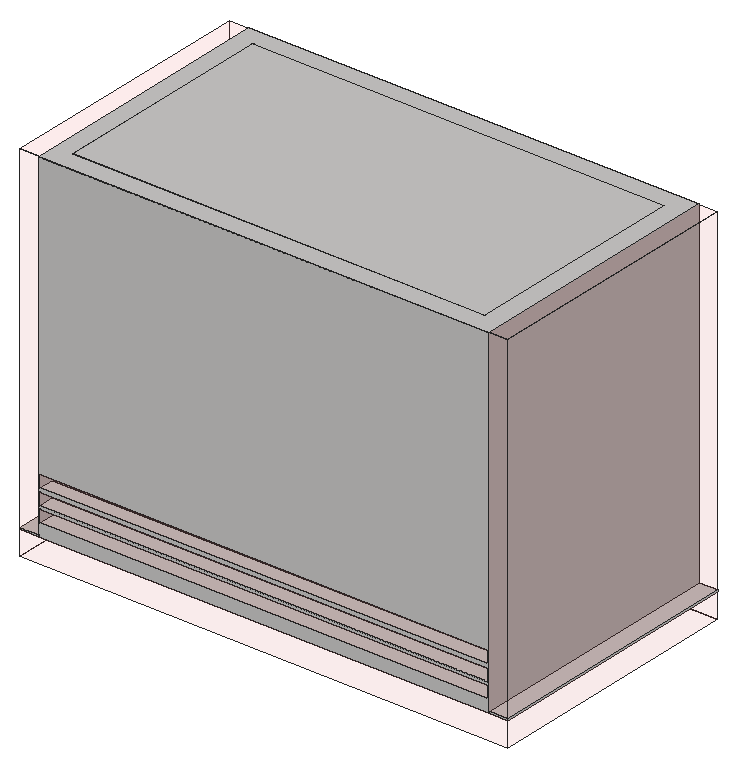
Revit family "Air-Curtain_Specialty_PoweredAire_HDC-Corrosive", category Mechanical Equipment, host Face, Revit 2016
Family settings
  Host = Face
  Part Type = Normal
  Round Connector Dimension = Use Diameter
  OmniClass Number = 23.75.35.17.21
  OmniClass Title = Air Curtains
  Cut with Voids When Loaded = No
  Shared = No
  Room Calculation Point = No
Parameters
  Warranty Duration (Years) = 0
  Unit Width Notes = "Other Widths available."  # constant formula
  Unit Width = 3' - 3"
  Unit Weight = 0
  Unit Height = 1' - 9"
  Unit Depth = 2' - 3 1/4"
  URL = "http://www.poweredaire.com/"
  Test Data = ""
  Standards Conformance = "as Specified"
  Specification = "http://www.arcat.com/sdspecs/htm04/23_34_33pai.htm"
  SpecWizard = ""
  Sound Pressure = "as Specified"
  Sales Information = "http://www.poweredaire.com/contact_us"
  Revision = "R1_2016-08"
  Projection from Host [instance] = 0' - 2"
  Product Properties = ""
  Product Data = "http://www.arcat.com/arcatcos/cos47/arc47623.html"
  Power Rating = 0 W
  Nozzle Width = if(1 = 1, Unit Width - 0' 3", 0' 0")  # 3' - 0"
  Mounting Width = if(1 = 1, Unit Width - 0' 1 1/2", 0' 0")  # 3' - 1 1/2"
  Mounting Height [instance] = 3' - 6"
  Motor RPM = 0
  Motor HP = 0
  Motor Count = 0
  Model = "As Specified"
  Max Height = 0' - 0"
  Manufacturer Website = "http://www.poweredaire.com/"
  Manufacturer Phone - Toll Free = "888-321-2473"
  Manufacturer Phone = "724-588-3305"
  Manufacturer Fax = "724-588-3371"
  Manufacturer Address = "109 Mortensen Rd.  Greenville, PA 16125"
  Manufacturer = "Powered Aire, Inc"
  Maintenance Schedule (Months) = 0
  Keynote = "23 34 33"
  Installation-Fabrication = ""
  Installation Phase = ""
  Include Clearance [instance] = yes
  Heating Element Load = 0 W
  HVAC_Temperature Rise = 0 °F
  HVAC_Outlet Volume = 0 CFM
  HVAC_Outlet Velocity Uniformity = 0
  HVAC_Outlet Velocity = 0 FPM
  Green Building-LEED = "http://www.arcat.com/green/clients/leed_data_47623.html"
  Front Grating Material [instance] = Metal - Steel - PoweredAire - Stainless 304 Perforated
  Frame Finish [instance] = Metal - Steel - PoweredAire - Stainless 304
  Expected Lifespan (Years) = 0
  Electrical_Wattage [instance] = Power Rating + Heating Element Load  # 0 W
  Electrical_Voltage [instance] = 0 V
  Electrical_Phase [instance] = 1
  Electrical_Frequency [instance] = 0 Hz
  Electrical_Amperage [instance] = 0 A
  Drawn By = "Sumex Design, Inc. / Robert S. Weygant, CSI, CDT, SCIP"
  Description = "Powered Aire Air Curtain as Specified"
  Default Elevation = 0' - 0"  # constant formula
  Copyright = "©Arcat Inc."
  Construction Details = "http://www.arcat.com/details/powair/prod3336.html"
  Clearance_Top [instance] = 0' - 0"
  Clearance_Side B [instance] = 0' - 0"
  Clearance_Side A [instance] = 0' - 0"
  Clearance_Intake [instance] = 0' - 0"
  Clearance_Bottom [instance] = 0' - 0"
  Clearance Material [instance] = ARCAT Clearance
  Building Codes = ""
  Available Options [instance] = "as Specified"
  Assembly Code = "D3090400"
Reference planes (in)
  plane 1 "Center (Elevation)": y = 10.63818
  plane 2: z = 0
  plane 3 "Center (Left/Right)": x = 0
  plane 4: y = 21.13818
  plane 5 "BoC": y = 0.13818
  plane 6: x = -19.5
  plane 7: x = 19.5
  plane 8: z = 29.25
  plane 9 "FF": y = -41.86182
  plane 10: z = 2
  plane 11: x = 18
  plane 12: x = -18
  plane 13: y = 21.13818
  plane 14: y = 0.13818
  plane 15: x = -19.5
  plane 16: x = 19.5
  plane 17: z = 29.25
  plane 18: y = 0.13818
  plane 19: x = 17.9375
  plane 20: x = -17.9375
Forms (in)
  Extrusion 1, solid, material "ARCAT Clearance" <- "Clearance Material", visible <- "Include Clearance"
    sketch origin (0, 0, 0) x (0, 1, 0) y (0, 0, 1)
      loop
        line (0.13818, 29.25) -> (0.13818, 0) -> (21.13818, 0) -> (21.13818, 29.25) -> (0.13818, 29.25)
    from -19.5 to 19.5
  Extrusion 2, solid, material "Metal - Steel - PoweredAire - Stainless 304" <- "Frame Finish"
    sketch origin (0, 10.63818, 0) x (1, 0, 0) y (0, 0, 1)
      loop
        line (18, 29.25) -> (-18, 29.25) -> (-18, 2) -> (18, 2) -> (18, 29.25)
    from -10.5 to 10.5
  Extrusion 3, void
    sketch origin (0, 0, 0) x (0, 1, 0) y (0, 0, 1)
      loop
        line (0.13818, 4) -> (0.13818, 3) -> (1.63818, 3) -> (1.63818, 6.5) -> (0.13818, 6.5) -> (0.13818, 5.5) -> (1.38818, 5.5) -> (1.38818, 5.25) -> (0.13818, 5.25) -> (0.13818, 4.25) -> (1.38818, 4.25) -> (1.38818, 4) -> (0.13818, 4)
    from -17.9375 to 17.9375
  Extrusion 4, solid, material "Metal - Steel - PoweredAire - Stainless 304 Perforated" <- "Front Grating Material"
    sketch origin (18, 10.63818, 29.25) x (-1, 0, 0) y (0, -1, 0)
      loop
        line (1.5, -9) -> (34.5, -9) -> (34.5, 9) -> (1.5, 9) -> (1.5, -9)
    from 0 to 0.03125
  Extrusion 5, solid, material "Metal - Steel - PoweredAire - Stainless 304" <- "Frame Finish"
    sketch origin (-15.17702, -180, 2) x (-1, 0, 0) y (0, -1, 0)
      loop
        line (4.32298, -201.13818) -> (4.32298, -180.13818) -> (2.82298, -180.13818) -> (2.82298, -201.13818) -> (4.32298, -201.13818)
      loop
        line (-34.67702, -201.13818) -> (-33.17702, -201.13818) -> (-33.17702, -180.13818) -> (-34.67702, -180.13818) -> (-34.67702, -201.13818)
    from 0 to 0.125
Cuts and joins
  Extrusion 3 cuts Extrusion 2
Dimensions and locks (in)
  equal spacing: plane 4, plane 1 "Center (Elevation)", plane 5 "BoC"
  "Unit Height": plane 4 to plane 5 "BoC"
  equal spacing: plane 6, plane 3 "Center (Left/Right)", plane 7
  "Unit Width": plane 6 to plane 7
  "Mounting Height": plane 5 "BoC" to plane 9 "FF"
  "Projection from Host": plane 10 to level
  "Unit Depth": plane 8 to plane 10
  locked: plane 6 to plane 12 at 1.5
  locked: plane 11 to plane 7 at 1.5
  "Clearance_Side A": plane 7 to plane 16
  "Clearance_Side B": plane 15 to plane 6
  "Clearance_Top": plane 13 to plane 4
  "Clearance_Bottom": plane 5 "BoC" to plane 14
  "Clearance_Intake": plane 17 to plane 8
  locked: plane 7 to Extrusion 2 sketch curve at 1.5
  locked: Extrusion 2 sketch curve to plane 6 at 1.5
  locked: plane 18 to plane 5 "BoC" at 0
  locked: plane 12 to Extrusion 4 sketch curve at 1.5
  locked: Extrusion 4 sketch curve to plane 11 at 1.5
  locked: Extrusion 4 sketch curve to plane 5 "BoC" at 1.5
  locked: plane 20 to plane 12 at 0.0625
  locked: plane 11 to plane 19 at 0.0625
  Extrusion 3 sketch curve to Extrusion 3 sketch curve to Extrusion 3 sketch curve to Extrusion 3 sketch curve to Extrusion 3 sketch curve to Extrusion 3 sketch curve to plane 10 = 0' - 1" locked, 0' - 0 1/4" locked, 0' - 1" locked, 0' - 0 1/4" locked, 0' - 1" locked, 0' - 1" locked
  locked: plane 4 to Extrusion 4 sketch curve at 1.5
  aligned and locked: plane 2 to host face
  aligned and locked: level to host face
  aligned and locked: Extrusion 1 sketch curve to plane 17
  aligned and locked: plane 14 to Extrusion 1 sketch curve
  aligned and locked: level to Extrusion 1 sketch curve
  aligned and locked: Extrusion 1 sketch curve to plane 13
  aligned and locked: plane 16 to Extrusion 1
  aligned and locked: Extrusion 1 to plane 15
  aligned and locked: Extrusion 2 to plane 4
  aligned and locked: Extrusion 2 to plane 18
  aligned and locked: Extrusion 2 sketch curve to plane 10
  aligned and locked: Extrusion 3 to plane 20
  aligned and locked: plane 19 to Extrusion 3
  aligned and locked: Extrusion 2 sketch curve to plane 8
  aligned and locked: plane 7 to Extrusion 5 sketch curve
  aligned and locked: Extrusion 5 sketch curve to plane 11
  aligned and locked: plane 6 to Extrusion 5 sketch curve
  aligned and locked: Extrusion 5 sketch curve to plane 12
  aligned and locked: plane 18 to Extrusion 5 sketch curve  (x2)
  aligned and locked: Extrusion 5 sketch curve to plane 4  (x2)
Automatic sketch dimensions
  host sketch curve to host sketch curve = 8' - 0"  (x2)
  Extrusion 3 sketch curve to plane 5 "BoC" = 0' - 0"  (x3)
  plane 18 to Extrusion 3 sketch curve = 0' - 1 1/4"
  Extrusion 3 sketch curve to Extrusion 3 sketch curve = 0' - 0"
  Extrusion 3 sketch curve to Extrusion 3 sketch curve = 0' - 0 1/4"
Connectors (in)
  electrical at (-18, 10.63818, 15.625), driven by "Electrical_Voltage", driven by "Electrical_Phase"
    settings: on cut or joined group of Extrusion 2, Extrusion 3, index 1, voltage 0 V, apparent load 0 VA, apparent load phase1 0 VA, apparent load phase2 0 VA, apparent load phase3 0 VA, power factor 1, load classification "Other", number of poles 1, system type 31, power factor state 1, is connector primary yes, connector utility no, sub classification motor no, connector description ""
